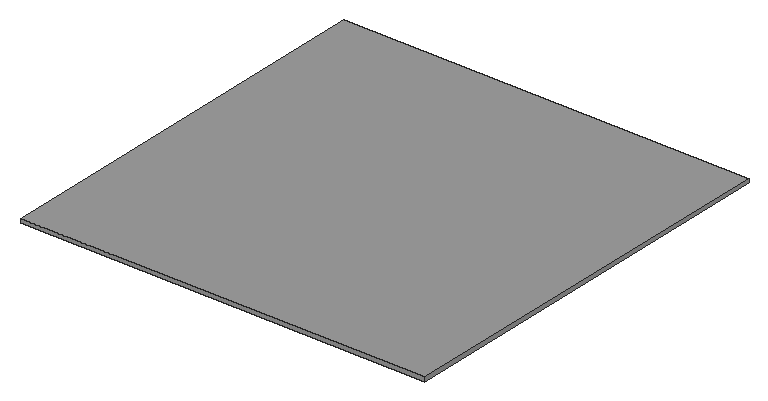
Revit family "WM-MN Suspended Ceiling 40mm Family", category Generic Models, host Ceiling, Revit 2017
Family settings
  Host = Ceiling
  Can host rebar = No
  Round Connector Dimension = Use Diameter
  Part Type = Normal
  Always vertical = Yes
  Cut with Voids When Loaded = No
  Shared = No
  Room Calculation Point = No
Parameters (values of type "Lambdaboard")
  Width = 4000 mm
  URL = "www.rigifoam.com"
  Type Comments = "duncan@rigifoam.com"
  Thermal Resistance = 1.6700 (m²·K)/W
  Thermal Conductivity = 0.0240 W/(m·K)
  Model = "WM/MN Suspended Ceiling 40mm"
  Material = Polyisocyanurate
  Manufacturer = "Lambdaboard"
  Length = 4000 mm
  Description = "Flexible PIR Insulation"
  Depth = 40 mm
  Density = 40.0000 kg/m³
Reference planes
  plane 1 "Center (Front/Back)": y = 0
  plane 2: z = 0
  plane 3 "Center (Left/Right)": x = 0
  plane 4 "Ceiling": z = 4000
Forms (mm)
  Extrusion 1, solid, material "Polyisocyanurate" <- "Material"
    sketch origin (0, 0, 4000) x (0, 1, 0) y (-1, 0, 0)
      loop
        line (2000, 2000) -> (-2000, 2000) -> (-2000, -2000) -> (2000, -2000) -> (2000, 2000)
    from -40 to 0
Dimensions and locks
  equal spacing: host sketch curve, plane 3 "Center (Left/Right)", host sketch curve
  equal spacing: host sketch curve, plane 1 "Center (Front/Back)", host sketch curve
  host sketch curve to host sketch curve = 4000 mm  (x2)
  plane 4 "Ceiling" to host ceiling = 0 mm
  equal spacing: Extrusion 1, plane 3 "Center (Left/Right)", Extrusion 1
  "Length": Extrusion 1 to Extrusion 1
  "Width": Extrusion 1 to Extrusion 1
  "Depth": Extrusion 1 to Extrusion 1
Automatic sketch dimensions
  plane 1 "Center (Front/Back)" to Extrusion 1 sketch curve = 2000 mm
  Extrusion 1 sketch curve to plane 1 "Center (Front/Back)" = 2000 mm
  plane 3 "Center (Left/Right)" to Extrusion 1 sketch curve = 2000 mm
  Extrusion 1 sketch curve to plane 3 "Center (Left/Right)" = 2000 mm
